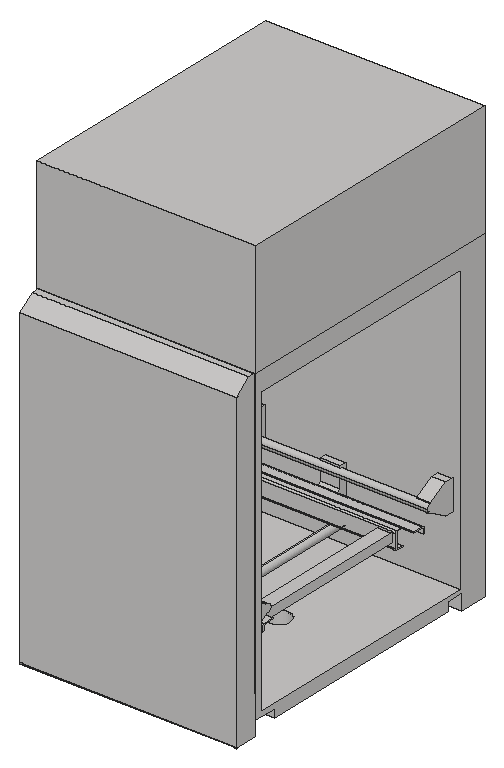
Revit family "QF_ELECTROLUXPROFESSIONAL_535177_NMHDREL56", category Specialty Equipment, Revit 2023
Family settings
  Round Connector Dimension = Use Diameter
  Part Type = Normal
  Work Plane-Based = No
  Enable Cutting in Views = No
  Always vertical = Yes
  Cut with Voids When Loaded = No
  Maintain Annotation Orientation = No
  Shared = No
  Room Calculation Point = No
Parameters
  Weight = 52.00 kg
  Watts = 0 W
  Volts = 380 V
  URL Manufacturer = "http://www.electroluxprofessional.com"
  URL = "http://www.electroluxprofessional.com"
  Steam Supply Size = 0 mm
  Steam Supply Minimum Pressure = 0.0 Pa
  Steam Supply Maximum Pressure = 0.0 Pa
  Steam Pounds per Hour = 0
  Show Logo [instance] = yes
  Refrigeration Suction Line Size = 0 mm
  Refrigeration Liquid Line Size = 0 mm
  Refrigerant Compressor Remote = yes
  Manufacturer = "Electrolux Professional"
  Phase = 3
  Model = "NMHDREL56"
  Length Actual = 560 mm
  Show Clearance [instance] = yes
  Item Number = "535177"
  Hot Water Size = 0 mm
  Height Actual = 1130 mm
  HP = "5.9 HP"
  Gas Size = 0 mm
  Gas KW = 0
  Gas Input Pressure = 0 W
  Direct Waste Size = 50 mm
  Description = "MEDIUM DRYER WITHOUT DOOR (HAB) FOR DUAL RINSE RT, L>R, ELECTRIC, 50/60HZ"
  Depth Actual = 795 mm
  Default Elevation = 0 mm
  Cycle = 50 Hz
  Condensate Return Size = 0 mm
  Compressed Air Volume = 0.0 L/s
  Compressed Air Size = 0 mm
  Compressed Air Pressure = 0.0 Pa
  Cold Water Size = 0 mm
  Accessory = no
Reference planes
  plane 1 "Center X": y = -10.242
  plane 2: z = 0
  plane 3 "LEFT": x = -383.563
  plane 4 "RIGHT": x = 176.437
  plane 5 "BACK": y = 388.258
  plane 6 "FEET": z = 150
  plane 7: z = 2095
  plane 8 "BASE": z = 187
  plane 9 "TOP": z = 1785
  plane 10 "FRONT": y = -408.742
  plane 11: y = 311.258
  plane 12 "Medium": z = 775
  plane 13 "DrainX": x = -35.563
Forms (mm)
  Extrusion 1, solid, material "QF_Finishes_Stainless Steel"
    sketch origin (176.437, 479.936, 4000) x (0, 1, 0) y (0, 0, 1)
      loop
        line (-96.678, -2215) -> (-828.678, -2215) -> (-828.678, -2507) -> (-96.678, -2507) -> (-96.678, -2215)
    from -560 to 0
  Extrusion 2, solid, material "QF_Finishes_Stainless Steel"
    sketch origin (-383.563, 437.565, 4000) x (0, 1, 0) y (0, 0, 1)
      loop
        line (-54.307, -2507) -> (-786.307, -2507) -> (-786.307, -3300) -> (-727.307, -3300) -> (-727.307, -3322) -> (-171.307, -3322) -> (-171.307, -3300) -> (-126.307, -3300) -> (-126.307, -3340) -> (-54.307, -3340) -> (-54.307, -2507)
      loop
        line (-129.307, -2557) -> (-769.307, -2557) -> (-769.307, -3290) -> (-129.307, -3290) -> (-129.307, -2557)
    from 560 to 0
  Revolve 3, solid, material "QF_Finishes_Stainless Steel"
    sketch origin (-35.563, 0, 0) x (0, -1, 0) y (0, 0, 1)
      loop
        line (35.242, 613) -> (35.242, 633) -> (40.242, 633) -> (40.242, 663) -> (47.242, 663) -> (47.242, 678) -> (30.242, 678) -> (30.242, 613) -> (35.242, 613)
      axis (10.242, 613) -> (10.242, 678)
    angle from 0 to 360
  Extrusion 4, void
    sketch origin (0, 0, 775) x (-1, 0, 0) y (0, -1, 0)
      loop
        circle (36.563, 10.242) r 30
    from 0 to -97
  Extrusion 5, solid, material "QF_Clearance", detail levels coarse
    sketch origin (516.437, -74.242, 0) x (1, 0, 0) y (0, 1, 0)
      loop
        line (-900, 462.5) -> (-340, 462.5) -> (-340, 512.5) -> (-900, 512.5) -> (-900, 462.5)
    from 659 to 1785
Cuts and joins
  Extrusion 4 cuts Extrusion 2
Lines and regions (mm)
  symbolic lines
    curve 1: line (-383.563, 383.258, 0) -> (176.437, 383.258, 0)
    curve 2: line (-383.563, -348.742, 0) -> (-383.563, 383.258, 0)
    curve 3: line (176.437, -348.742, 0) -> (-383.563, -348.742, 0)
    curve 4: line (176.437, 383.258, 0) -> (176.437, -348.742, 0)
    curve 7: line (-383.563, 383.258, 0) -> (177.437, -348.742, 0)
    curve 8: line (-383.563, -10.242, 0) -> (-358.563, -10.242, 0)
    curve 9: line (176.437, -10.242, 0) -> (151.437, -10.242, 0)
  symbolic lines, style "SpecialityEquipment"
    curve 5: line (176.437, -281.742, 0) -> (-383.563, -281.742, 0)
    curve 6: line (-383.563, 308.258, 0) -> (176.437, 308.258, 0)
  symbolic lines, style "QF_Clearances"
    curve 10: line (-383.563, 438.258, 0) -> (176.437, 438.258, 0)
Dimensions and locks
  plane 3 "LEFT" to plane 4 "RIGHT" = 560 mm
  plane 5 "BACK" to plane 1 "Center X" to plane 10 "FRONT" = 398.5 mm, 398.5 mm
  plane 6 "FEET" to level = 150 mm
  plane 6 "FEET" to plane 9 "TOP" = 1635 mm
  plane 5 "BACK" to plane 10 "FRONT" = 797 mm  (x2)
  plane 4 "RIGHT" to plane 3 "LEFT" = 560 mm
  nested 1 to nested 2 to nested 2 = 732 mm, 60 mm
  plane 12 "Medium" to level = 775 mm
  plane 3 "LEFT" to plane 13 "DrainX" = 348 mm
  aligned and locked: level to plane 2
Nested families
  nested 1: "Basket_Guide+Wash_Arm_22''" at (-514, 0, 0), type "Basket_Guide+Wash_Arm_22''"
  nested 2: "DoorHDryer_22''" at (-453, 0, 0), Show Clearance <- "Show Clearance", type "DoorHDryer_22''"
Connectors
  piping at (-35.563, -10.242, 613), diameter 50
    settings: on Revolve 3, index 1, connector inside diameter 609.6 mm, connector length 0 mm, flow factor 0, pipe flow 0.0 L/s, pressure drop 0.0 Pa, fitting loss kfactor 0, connector angle 0.00°, fixture units 0, engagement length 0 mm, angle of deflection 0.00°, flow configuration 1, flow direction 2, fitting loss method 0, system type 16, joint type 0, gender type 0, connector reference index -1, connector utility 0, adjustable connector no, is connector primary yes, connector description "DRAIN"
Definition of nested family "Basket_Guide+Wash_Arm_22''"
  Parameters
    Default Elevation = 0 mm
  Reference planes
    plane 1: z = 0
    plane 2 "Center Y": x = 409.437
    plane 3 "LEFT": x = 130.437
    plane 4 "BACK": y = 383.258
    plane 5 "FRONT": y = -408.742
    plane 6: z = 150
    plane 7 "TOP": z = 1785
    plane 8: z = 875
    plane 9 "RIGHT": x = 688.437
  Forms (mm)
    Extrusion 1, solid
      sketch origin (243.437, -18.984, 0) x (0, -1, 0) y (0, 0, 1)
        loop
          line (264.703, 929.245) -> (264.703, 907.554) -> (312.758, 879.81) -> (312.758, 956.99) -> (264.703, 929.245)
        loop
          line (-259.187, 929.245) -> (-307.242, 956.99) -> (-327.242, 956.99) -> (-327.242, 879.81) -> (-307.242, 879.81) -> (-259.187, 907.554) -> (-259.187, 929.245)
      from -424 to -388
    Extrusion 2, solid
      sketch origin (293.437, -18.984, 0) x (0, -1, 0) y (0, 0, 1)
        loop
          circle (264.703, 918.4) r 10
        loop
          circle (-259.187, 918.4) r 10
      from -374 to 142
    Extrusion 3, solid
      sketch origin (293.437, -18.984, 0) x (0, -1, 0) y (0, 0, 1)
        loop
          line (-252.564, 858) -> (-252.564, 870.68)
          arc (-252.564, 870.68) -> (-251.884, 872.32) -> (-250.244, 873) r 2.32
          line (-250.244, 873) -> (-222.564, 873) -> (-222.564, 875) -> (-250.244, 875)
          arc (-250.244, 875) -> (-253.299, 873.735) -> (-254.564, 870.68) r 4.32
          line (-254.564, 870.68) -> (-254.564, 858) -> (-252.564, 858)
        loop
          line (258.08, 858) -> (260.08, 858) -> (260.08, 870.68)
          arc (260.08, 870.68) -> (258.815, 873.735) -> (255.76, 875) r 4.32
          line (255.76, 875) -> (228.08, 875) -> (228.08, 873) -> (255.76, 873)
          arc (255.76, 873) -> (257.401, 872.32) -> (258.08, 870.68) r 2.32
          line (258.08, 870.68) -> (258.08, 858)
      from -360 to 128
    Extrusion 4, solid
      sketch origin (293.437, -18.984, 0) x (0, -1, 0) y (0, 0, 1)
        loop
          arc (-216.187, 825.32) -> (-216.866, 823.679) -> (-218.507, 823) r 2.32
          line (-218.507, 823) -> (-236.187, 823) -> (-236.187, 821) -> (-218.507, 821)
          arc (-218.507, 821) -> (-215.452, 822.265) -> (-214.187, 825.32) r 4.32
          line (-214.187, 825.32) -> (-214.187, 861.68)
          arc (-214.187, 861.68) -> (-215.452, 864.735) -> (-218.507, 866) r 4.32
          line (-218.507, 866) -> (-236.187, 866) -> (-236.187, 864) -> (-218.507, 864)
          arc (-218.507, 864) -> (-216.866, 863.32) -> (-216.187, 861.68) r 2.32
          line (-216.187, 861.68) -> (-216.187, 825.32)
        loop
          line (221.703, 825.32) -> (221.703, 861.68)
          arc (221.703, 861.68) -> (222.383, 863.32) -> (224.023, 864) r 2.32
          line (224.023, 864) -> (241.703, 864) -> (241.703, 866) -> (224.023, 866)
          arc (224.023, 866) -> (220.969, 864.735) -> (219.703, 861.68) r 4.32
          line (219.703, 861.68) -> (219.703, 825.32)
          arc (219.703, 825.32) -> (220.969, 822.265) -> (224.023, 821) r 4.32
          line (224.023, 821) -> (241.703, 821) -> (241.703, 823) -> (224.023, 823)
          arc (224.023, 823) -> (222.383, 823.679) -> (221.703, 825.32) r 2.32
      from -320 to 88
    Extrusion 5, solid
      sketch origin (575.437, -18.984, 0) x (0, -1, 0) y (0, 0, 1)
        loop
          line (264.703, 929.245) -> (264.703, 907.554) -> (312.758, 879.81) -> (312.758, 956.99) -> (264.703, 929.245)
        loop
          line (-259.187, 929.245) -> (-307.242, 956.99) -> (-327.242, 956.99) -> (-327.242, 879.81) -> (-307.242, 879.81) -> (-259.187, 907.554) -> (-259.187, 929.245)
      from 424 to 388
    Extrusion 6, solid
      sketch origin (243.437, -18.984, 0) x (0, -1, 0) y (0, 0, 1)
        loop
          line (219.703, 858) -> (-214.187, 858) -> (-214.187, 836) -> (219.703, 836) -> (219.703, 858)
      from -360 to -325
    Extrusion 7, solid
      sketch origin (575.437, -18.984, 0) x (0, -1, 0) y (0, 0, 1)
        loop
          line (219.703, 858) -> (-214.187, 858) -> (-214.187, 836) -> (219.703, 836) -> (219.703, 858)
      from 360 to 325
    Extrusion 8, solid
      sketch origin (409.437, 308.258, 1443) x (0, 0, 1) y (-1, 0, 0)
        loop
          line (-650.516, 7.5) -> (-663.507, 15) -> (-676.497, 7.5) -> (-676.497, -7.5) -> (-663.507, -15) -> (-650.516, -7.5) -> (-650.516, 7.5)
        loop
          line (-22.01, 7.5) -> (-35, 15) -> (-47.99, 7.5) -> (-47.99, -7.5) -> (-35, -15) -> (-22.01, -7.5) -> (-22.01, 7.5)
      from 0 to 30
    Extrusion 9, solid
      sketch origin (409.437, 278.258, 1443) x (0, 0, 1) y (-1, 0, 0)
        loop
          circle (-663.507, 0) r 10
        loop
          circle (-35, 0) r 10
      from 0 to 537.443
    Extrusion 10, solid
      sketch origin (409.437, -38.984, 0) x (0, -1, 0) y (0, 0, 1)
        loop
          line (244.703, 880.8) -> (236.703, 872.8) -> (221.703, 872.8) -> (221.703, 855.89) -> (201.703, 855.89) -> (201.703, 833.698) -> (238.1, 833.698) -> (209.284, 804.882) -> (200.502, 763.596) -> (201.48, 763.388) -> (210.201, 804.385) -> (262.124, 856.308) -> (262.124, 933.4) -> (244.703, 933.4) -> (244.703, 880.8)
        loop
          line (-279.187, 880.8) -> (-279.187, 933.4) -> (-296.608, 933.4) -> (-296.608, 856.308) -> (-273.998, 833.698) -> (-236.187, 833.698) -> (-236.187, 855.89) -> (-256.187, 855.89) -> (-256.187, 872.8) -> (-271.187, 872.8) -> (-279.187, 880.8)
        loop
          line (220.202, 1443) -> (218.202, 1443) -> (218.202, 1420.7) -> (195.852, 1381.988) -> (197.584, 1380.988) -> (220.202, 1420.164) -> (220.202, 1443)
      from -25 to 25
  Cuts and joins
    joined: Extrusion 1, Extrusion 2, Extrusion 3, Extrusion 4, Extrusion 5, Extrusion 6, Extrusion 7, Extrusion 8, Extrusion 9, Extrusion 10
  Dimensions and locks
    plane 3 "LEFT" to plane 9 "RIGHT" = 558 mm
    equal spacing: plane 3 "LEFT", plane 2 "Center Y", plane 9 "RIGHT", locked at 279 each
    plane 7 "TOP" to plane 6 to level = 1635 mm, 150 mm
    plane 4 "BACK" to plane 5 "FRONT" = 792 mm
    aligned and locked: level to plane 1
  Automatic sketch dimensions
    plane 8 to Extrusion 1 sketch curve = 4.81 mm  (x2)
    Extrusion 1 sketch curve to plane 4 "BACK" = 75 mm
    Extrusion 1 sketch curve to Extrusion 1 sketch curve = 20 mm  (x2)
    Extrusion 1 sketch curve to Extrusion 1 sketch curve = 48.055 mm  (x2)
    plane 8 to Extrusion 1 sketch curve = 32.554 mm  (x2)
    plane 5 "FRONT" to Extrusion 1 sketch curve = 125.055 mm
    Extrusion 1 sketch curve to Extrusion 1 sketch curve = 21.691 mm  (x2)
    Extrusion 1 sketch curve to Extrusion 1 sketch curve = 27.745 mm  (x2)
    plane 8 to Extrusion 2 sketch curve = 43.4 mm  (x2)
    Extrusion 2 sketch curve to plane 4 "BACK" = 143.055 mm
    plane 5 "FRONT" to Extrusion 2 sketch curve = 125.055 mm
    Extrusion 3 sketch curve to Extrusion 3 sketch curve = 0 mm  (x4)
    Extrusion 3 sketch curve to plane 8 = 0 mm  (x2)
    Extrusion 3 sketch curve to plane 8 = 4.32 mm  (x2)
    Extrusion 3 sketch curve to plane 4 "BACK" = 147.678 mm
    Extrusion 3 sketch curve to Extrusion 3 sketch curve = 2 mm  (x2)
    Extrusion 3 sketch curve to Extrusion 3 sketch curve = 27.68 mm  (x2)
    plane 5 "FRONT" to Extrusion 3 sketch curve = 161.678 mm
    Extrusion 3 sketch curve to Extrusion 3 sketch curve = 12.68 mm  (x2)
    Extrusion 4 sketch curve to Extrusion 4 sketch curve = 0 mm  (x9)
    Extrusion 4 sketch curve to plane 8 = 9 mm
    Extrusion 4 sketch curve to plane 4 "BACK" = 166.055 mm
    Extrusion 4 sketch curve to Extrusion 4 sketch curve = 17.68 mm  (x4)
    Extrusion 4 sketch curve to Extrusion 4 sketch curve = 2.32 mm  (x3)
    Extrusion 4 sketch curve to Extrusion 4 sketch curve = 2 mm  (x2)
    Extrusion 4 sketch curve to plane 8 = 49.68 mm
    plane 5 "FRONT" to Extrusion 4 sketch curve = 170.055 mm
    Extrusion 4 sketch curve to Extrusion 4 sketch curve = 43 mm
    Extrusion 4 sketch curve to plane 8 = 13.32 mm
    plane 8 to Extrusion 5 sketch curve = 4.81 mm  (x2)
    Extrusion 5 sketch curve to plane 4 "BACK" = 75 mm
    Extrusion 5 sketch curve to Extrusion 5 sketch curve = 20 mm  (x2)
    Extrusion 5 sketch curve to Extrusion 5 sketch curve = 48.055 mm  (x2)
    plane 8 to Extrusion 5 sketch curve = 32.554 mm  (x2)
    plane 5 "FRONT" to Extrusion 5 sketch curve = 125.055 mm
    Extrusion 5 sketch curve to Extrusion 5 sketch curve = 21.691 mm  (x2)
    Extrusion 5 sketch curve to Extrusion 5 sketch curve = 27.745 mm  (x2)
    Extrusion 6 sketch curve to plane 8 = 17 mm
    Extrusion 6 sketch curve to plane 4 "BACK" = 188.055 mm
    Extrusion 6 sketch curve to plane 8 = 39 mm
    plane 5 "FRONT" to Extrusion 6 sketch curve = 170.055 mm
    Extrusion 7 sketch curve to plane 8 = 17 mm
    Extrusion 7 sketch curve to plane 4 "BACK" = 188.055 mm
    Extrusion 7 sketch curve to plane 8 = 39 mm
    plane 5 "FRONT" to Extrusion 7 sketch curve = 170.055 mm
    Extrusion 8 sketch curve to plane 2 "Center Y" = 7.5 mm  (x4)
    Extrusion 8 sketch curve to plane 8 = 108.497 mm
    Extrusion 8 sketch curve to plane 2 "Center Y" = 15 mm  (x2)
    Extrusion 8 sketch curve to Extrusion 8 sketch curve = 12.99 mm  (x6)
    plane 2 "Center Y" to Extrusion 8 sketch curve = 15 mm  (x2)
    Extrusion 8 sketch curve to plane 7 "TOP" = 389.99 mm
    plane 2 "Center Y" to Extrusion 8 sketch curve = 7.5 mm  (x4)
    plane 8 to Extrusion 10 sketch curve = 58.4 mm
    Extrusion 10 sketch curve to plane 4 "BACK" = 125.634 mm
    Extrusion 10 sketch curve to Extrusion 10 sketch curve = 17.421 mm  (x3)
    plane 8 to Extrusion 10 sketch curve = 5.8 mm  (x2)
    Extrusion 10 sketch curve to plane 8 = 41.302 mm  (x2)
    Extrusion 10 sketch curve to Extrusion 10 sketch curve = 22.61 mm
    Extrusion 10 sketch curve to plane 8 = 2.2 mm  (x2)
    Extrusion 10 sketch curve to Extrusion 10 sketch curve = 8 mm  (x2)
    Extrusion 10 sketch curve to Extrusion 10 sketch curve = 15 mm  (x2)
    Extrusion 10 sketch curve to Extrusion 10 sketch curve = 20 mm  (x2)
    plane 5 "FRONT" to Extrusion 10 sketch curve = 173.907 mm
    Extrusion 10 sketch curve to Extrusion 10 sketch curve = 1.732 mm
    plane 5 "FRONT" to Extrusion 10 sketch curve = 169.257 mm
    Extrusion 10 sketch curve to Extrusion 10 sketch curve = 0.978 mm
    Extrusion 10 sketch curve to plane 8 = 19.11 mm
    Extrusion 10 sketch curve to Extrusion 10 sketch curve = 1.202 mm
    Extrusion 10 sketch curve to plane 8 = 70.118 mm
    Extrusion 10 sketch curve to Extrusion 10 sketch curve = 7.581 mm
    Extrusion 10 sketch curve to plane 8 = 70.615 mm
    Extrusion 10 sketch curve to Extrusion 10 sketch curve = 0.916 mm
    Extrusion 10 sketch curve to Extrusion 10 sketch curve = 22.35 mm
    Extrusion 10 sketch curve to Extrusion 10 sketch curve = 2 mm
    Extrusion 10 sketch curve to Extrusion 10 sketch curve = 16.397 mm
    Extrusion 10 sketch curve to Extrusion 10 sketch curve = 0 mm
    Extrusion 10 sketch curve to Extrusion 10 sketch curve = 16.909 mm
    Extrusion 10 sketch curve to plane 8 = 18.692 mm  (x2)
    Extrusion 10 sketch curve to Extrusion 10 sketch curve = 52.6 mm
    Extrusion 10 sketch curve to plane 7 "TOP" = 404.012 mm
    Extrusion 10 sketch curve to Extrusion 10 sketch curve = 1 mm
    Extrusion 10 sketch curve to Extrusion 10 sketch curve = 22.3 mm
    Extrusion 9 sketch curve to Extrusion 8 = 12.99 mm  (x3)
    Extrusion 9 sketch curve to Extrusion 9 sketch curve = 0 mm
    radius of Extrusion 2 sketch curve = 10 mm  (x2)
    radius of Extrusion 9 sketch curve = 10 mm  (x2)
Definition of nested family "DoorHDryer_22''"
  Parameters
    Show Clearance [instance] = yes
    Default Elevation = 0 mm
  Reference planes
    plane 1: z = 0
    plane 2 "Center Y": x = 350.437
    plane 3 "LEFT": x = 70.437
    plane 4 "RIGHT": x = 630.437
    plane 5 "FRONT": y = -408.742
    plane 6: z = 150
    plane 7: y = -348.742
    plane 8: z = 775
  Forms (mm)
    Extrusion 1, solid
      sketch origin (350.437, 0, 0) x (0, 1, 0) y (0, 0, 1)
        loop
          line (-351.742, 1493) -> (-368.817, 1493) -> (-408.742, 1463.413) -> (-408.742, 661.5)
          arc (-408.742, 661.5) -> (-408.01, 659.732) -> (-406.242, 659) r 2.5
          line (-406.242, 659) -> (-348.742, 659) -> (-348.742, 758.131) -> (-351.742, 758.971) -> (-351.742, 1493)
      from -277 to 277
  Lines and regions (mm)
    symbolic lines
      curve 1: line (73.437, -408.742, 1785) -> (73.437, -348.742, 1785)
      curve 2: line (627.437, -408.742, 1785) -> (73.437, -408.742, 1785)
      curve 3: line (627.437, -348.742, 1785) -> (627.437, -408.742, 1785)
  Dimensions and locks
    locked: plane 3 "LEFT" to plane 4 "RIGHT" at 560
    plane 6 to level = 150 mm
    equal spacing: plane 3 "LEFT", plane 2 "Center Y", plane 4 "RIGHT", locked at 280 each
    plane 8 to level = 775 mm
    aligned and locked: level to plane 1
  Automatic sketch dimensions
    curve 1 to plane 7 = 0 mm
    curve 3 to plane 7 = 0 mm
    curve 2 to plane 5 "FRONT" = 0 mm
    plane 3 "LEFT" to curve 2 = 3 mm
    curve 2 to plane 4 "RIGHT" = 3 mm
    Extrusion 1 sketch curve to plane 5 "FRONT" = 0 mm
    Extrusion 1 sketch curve to plane 7 = 0 mm
    Extrusion 1 sketch curve to plane 7 = 20.076 mm
    Extrusion 1 sketch curve to plane 7 = 3 mm
    plane 8 to Extrusion 1 sketch curve = 688.413 mm
    Extrusion 1 sketch curve to Extrusion 1 sketch curve = 29.587 mm
    Extrusion 1 sketch curve to plane 8 = 16.029 mm
    Extrusion 1 sketch curve to Extrusion 1 sketch curve = 0.839 mm
    Extrusion 1 sketch curve to Extrusion 1 sketch curve = 97.471 mm
    Extrusion 1 sketch curve to Extrusion 1 sketch curve = 2.5 mm
